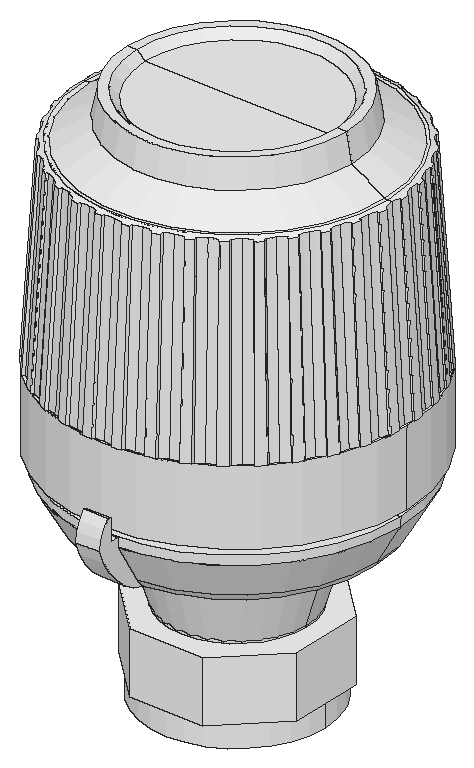
Revit family "2MMA_RFA", category Pipe Accessories, Revit 2019
Family settings
  Round Connector Dimension = Use Diameter
  Part Type = Normal
  OmniClass Number = 23.65.55.14.17
  OmniClass Title = Adjusting/Controlling Valves for Liquid Services
  Work Plane-Based = No
  Always vertical = Yes
  Cut with Voids When Loaded = No
  Shared = Yes
Parameters (values of type "MMA_013G2761")
  Weight = 0.15 kg  # constant formula
  W [instance] = 59.761 mm
  URL = "https://store.danfoss.com/en/Climate-Solutions-for-heating/Radiator-Thermostats/Radiator-sensors/Room-sensor-mTRV/c/6177?q=%3Arelevance%3Adanfoss_producttypehierarchydesc%3A7fe9dcfbd81cde094a0b3b4dca719d4333efaccd&text="
  Model Type = "MMA"  # constant formula
  Model = "013G2761"
  Min Temperature Setting = "8 °C"  # constant formula
  Max Temperature Setting = "28 °C"
  Manufacturer = "Danfoss"  # constant formula
  LOD 350 = not(LOD 200)  # yes
  LOD 200 = no
  L [instance] = 57 mm
  IfcExportType = "MMA"  # constant formula
  IfcExportAs = "IfcActuatorType"  # constant formula
  H [instance] = 90.8 mm
  Description = "Radiator Sensor"  # constant formula
  Body Material = Danfoss Plastic White
  Application = "Liquid Sensor"  # constant formula
Types (3, lengths in mm): name | Model | Max Temperature Setting
  (no name) | "013G2761" | "28 °C"
  MMA_013G2760 | "013G2760" | "21 °C"
  MMA_013G2761 | "013G2761" | "28 °C"
Reference planes
  plane 1 "Center (Front/Back)": y = 0
  plane 2: z = 0
  plane 3 "Center (Left/Right)": x = 0
  plane 4: x = -28.5
  plane 5: x = 28.5
  plane 6: y = 28.5
  plane 7: z = 90.8
  plane 8 "BT": z = 50.119
  plane 9 "TP": z = 83.1
  plane 10: y = -31.261
Forms (mm)
  Revolve 1, solid, material "Danfoss Plastic White" <- "Body Material", visible <- "LOD 200", detail levels fine
    sketch origin (0, 0, 0) x (1, 0, 0) y (0, 0, 1)
      loop
        line (-18.332, 90.8) -> (-19.2, 86.333) -> (-26.396, 82.178) -> (-28.5, 50.119) -> (-28.5, 36.419) -> (-22.485, 26) -> (-15.316, 26) -> (-11.524, 14) -> (0, 14) -> (0, 90.8) -> (-18.332, 90.8)
      axis (0, 14) -> (0, 90.8)
    angle from 0 to 360
  Revolve 2, solid, material "Danfoss Nickel Plated Brass", visible <- "LOD 200", detail levels fine
    sketch origin (0, 0, 0) x (1, 0, 0) y (0, 0, 1)
      loop
        line (-14.9, 0) -> (0, 0) -> (0, 14) -> (-14.9, 14) -> (-14.9, 0)
      axis (0, 14) -> (0, 0)
    angle from 0 to 360
  Revolve 3, solid, material "Danfoss Plastic White" <- "Body Material", visible <- "LOD 350", detail levels fine
    sketch origin (0, 0, 0) x (1, 0, 0) y (0, 0, 1)
      loop
        line (0, 83.1) -> (-25.425, 83.1) -> (-26.369, 82.632) -> (-28.5, 50.119) -> (-28.5, 37.6) -> (-25, 37.6) -> (-25, 36.1) -> (-27.45, 36.1) -> (-27.45, 34.6) -> (-23.639, 28)
        arc (-23.639, 28) -> (-22.175, 26.536) -> (-20.175, 26) r 4
        line (-20.175, 26) -> (-15, 26) -> (-15, 25) -> (-11.524, 14) -> (0, 14) -> (0, 83.1)
      axis (0, 83.1) -> (0, 14)
    angle from 0 to 360
  Revolve 4, solid, material "Danfoss Plastic White" <- "Body Material", visible <- "LOD 350", detail levels fine
    sketch origin (0, 0, 0) x (1, 0, 0) y (0, 0, 1)
      loop
        line (0, 89.5) -> (-15.5, 89.5) -> (-16.8, 90.8) -> (-18.332, 90.8) -> (-19.2, 86.333) -> (-24.8, 83.1) -> (-11.65, 83.1) -> (-11.65, 14) -> (0, 14) -> (0, 89.5)
      axis (0, 14) -> (0, 90.8)
    angle from 0 to 360
  Extrusion 5, solid, material "Danfoss Nickel Plated Brass", visible <- "LOD 350", detail levels fine
    sketch origin (0, 0, 0) x (1, 0, 0) y (0, 1, 0)
      loop
        line (-6.172, 14.9) -> (-14.9, 6.172) -> (-14.9, -6.172) -> (-6.172, -14.9) -> (6.172, -14.9) -> (14.9, -6.172) -> (14.9, 6.172) -> (6.172, 14.9) -> (-6.172, 14.9)
    from 3.8 to 13.979
  Revolve 6, solid, material "Danfoss Nickel Plated Brass", visible <- "LOD 350", detail levels fine
    sketch origin (0, 0, 0) x (1, 0, 0) y (0, 0, 1)
      loop
        line (-14.8, 0) -> (0, 0) -> (0, 3.8) -> (-14.8, 3.8) -> (-14.8, 0)
      axis (0, 0) -> (0, 3.8)
    angle from 0 to 360
  Blend 7, void
    base sketch origin (0, 0, 50.119) x (0, -1, 0) y (1, 0, 0)
      loop
        arc (-27.971, 0) -> (-28.005, 0.74) -> (-28.108, 1.474) r 8.033
        line (-28.108, 1.474) -> (-29, 2) -> (-29, -2) -> (-28.108, -1.474)
        arc (-28.108, -1.474) -> (-28.005, -0.74) -> (-27.971, 0) r 8.033
    top sketch origin (0, 0, 83.1) x (0, -1, 0) y (1, 0, 0)
      loop
        line (-26.919, -2) -> (-26.026, -1.474)
        arc (-26.026, -1.474) -> (-25.924, -0.74) -> (-25.89, 0) r 8.033
        arc (-25.89, 0) -> (-25.924, 0.74) -> (-26.026, 1.474) r 8.033
        line (-26.026, 1.474) -> (-26.919, 2) -> (-26.919, -2)
    from 0 to 0
  Blend 8, void
    base sketch origin (0, 0, 50.119) x (0.173648, -0.984808, 0) y (0.984808, 0.173648, 0)
      loop
        arc (-27.971, 0) -> (-28.005, 0.74) -> (-28.108, 1.474) r 8.033
        line (-28.108, 1.474) -> (-29, 2) -> (-29, -2) -> (-28.108, -1.474)
        arc (-28.108, -1.474) -> (-28.005, -0.74) -> (-27.971, 0) r 8.033
    top sketch origin (0, 0, 83.1) x (0.173648, -0.984808, 0) y (0.984808, 0.173648, 0)
      loop
        line (-26.919, -2) -> (-26.026, -1.474)
        arc (-26.026, -1.474) -> (-25.924, -0.74) -> (-25.89, 0) r 8.033
        arc (-25.89, 0) -> (-25.924, 0.74) -> (-26.026, 1.474) r 8.033
        line (-26.026, 1.474) -> (-26.919, 2) -> (-26.919, -2)
    from 0 to 0
  Blend 9, void
    base sketch origin (0, 0, 50.119) x (0.34202, -0.939693, 0) y (0.939693, 0.34202, 0)
      loop
        arc (-27.971, 0) -> (-28.005, 0.74) -> (-28.108, 1.474) r 8.033
        line (-28.108, 1.474) -> (-29, 2) -> (-29, -2) -> (-28.108, -1.474)
        arc (-28.108, -1.474) -> (-28.005, -0.74) -> (-27.971, 0) r 8.033
    top sketch origin (0, 0, 83.1) x (0.34202, -0.939693, 0) y (0.939693, 0.34202, 0)
      loop
        line (-26.919, -2) -> (-26.026, -1.474)
        arc (-26.026, -1.474) -> (-25.924, -0.74) -> (-25.89, 0) r 8.033
        arc (-25.89, 0) -> (-25.924, 0.74) -> (-26.026, 1.474) r 8.033
        line (-26.026, 1.474) -> (-26.919, 2) -> (-26.919, -2)
    from 0 to 0
  Blend 10, void
    base sketch origin (0, 0, 50.119) x (0.5, -0.866025, 0) y (0.866025, 0.5, 0)
      loop
        arc (-27.971, 0) -> (-28.005, 0.74) -> (-28.108, 1.474) r 8.033
        line (-28.108, 1.474) -> (-29, 2) -> (-29, -2) -> (-28.108, -1.474)
        arc (-28.108, -1.474) -> (-28.005, -0.74) -> (-27.971, 0) r 8.033
    top sketch origin (0, 0, 83.1) x (0.5, -0.866025, 0) y (0.866025, 0.5, 0)
      loop
        line (-26.919, -2) -> (-26.026, -1.474)
        arc (-26.026, -1.474) -> (-25.924, -0.74) -> (-25.89, 0) r 8.033
        arc (-25.89, 0) -> (-25.924, 0.74) -> (-26.026, 1.474) r 8.033
        line (-26.026, 1.474) -> (-26.919, 2) -> (-26.919, -2)
    from 0 to 0
  Blend 11, void
    base sketch origin (0, 0, 50.119) x (0.642788, -0.766044, 0) y (0.766044, 0.642788, 0)
      loop
        arc (-27.971, 0) -> (-28.005, 0.74) -> (-28.108, 1.474) r 8.033
        line (-28.108, 1.474) -> (-29, 2) -> (-29, -2) -> (-28.108, -1.474)
        arc (-28.108, -1.474) -> (-28.005, -0.74) -> (-27.971, 0) r 8.033
    top sketch origin (0, 0, 83.1) x (0.642788, -0.766044, 0) y (0.766044, 0.642788, 0)
      loop
        line (-26.919, -2) -> (-26.026, -1.474)
        arc (-26.026, -1.474) -> (-25.924, -0.74) -> (-25.89, 0) r 8.033
        arc (-25.89, 0) -> (-25.924, 0.74) -> (-26.026, 1.474) r 8.033
        line (-26.026, 1.474) -> (-26.919, 2) -> (-26.919, -2)
    from 0 to 0
  Blend 12, void
    base sketch origin (0, 0, 50.119) x (0.766044, -0.642788, 0) y (0.642788, 0.766044, 0)
      loop
        arc (-27.971, 0) -> (-28.005, 0.74) -> (-28.108, 1.474) r 8.033
        line (-28.108, 1.474) -> (-29, 2) -> (-29, -2) -> (-28.108, -1.474)
        arc (-28.108, -1.474) -> (-28.005, -0.74) -> (-27.971, 0) r 8.033
    top sketch origin (0, 0, 83.1) x (0.766044, -0.642788, 0) y (0.642788, 0.766044, 0)
      loop
        line (-26.919, -2) -> (-26.026, -1.474)
        arc (-26.026, -1.474) -> (-25.924, -0.74) -> (-25.89, 0) r 8.033
        arc (-25.89, 0) -> (-25.924, 0.74) -> (-26.026, 1.474) r 8.033
        line (-26.026, 1.474) -> (-26.919, 2) -> (-26.919, -2)
    from 0 to 0
  Blend 13, void
    base sketch origin (0, 0, 50.119) x (0.866025, -0.5, 0) y (0.5, 0.866025, 0)
      loop
        arc (-27.971, 0) -> (-28.005, 0.74) -> (-28.108, 1.474) r 8.033
        line (-28.108, 1.474) -> (-29, 2) -> (-29, -2) -> (-28.108, -1.474)
        arc (-28.108, -1.474) -> (-28.005, -0.74) -> (-27.971, 0) r 8.033
    top sketch origin (0, 0, 83.1) x (0.866025, -0.5, 0) y (0.5, 0.866025, 0)
      loop
        line (-26.919, -2) -> (-26.026, -1.474)
        arc (-26.026, -1.474) -> (-25.924, -0.74) -> (-25.89, 0) r 8.033
        arc (-25.89, 0) -> (-25.924, 0.74) -> (-26.026, 1.474) r 8.033
        line (-26.026, 1.474) -> (-26.919, 2) -> (-26.919, -2)
    from 0 to 0
  Blend 14, void
    base sketch origin (0, 0, 50.119) x (0.939693, -0.34202, 0) y (0.34202, 0.939693, 0)
      loop
        arc (-27.971, 0) -> (-28.005, 0.74) -> (-28.108, 1.474) r 8.033
        line (-28.108, 1.474) -> (-29, 2) -> (-29, -2) -> (-28.108, -1.474)
        arc (-28.108, -1.474) -> (-28.005, -0.74) -> (-27.971, 0) r 8.033
    top sketch origin (0, 0, 83.1) x (0.939693, -0.34202, 0) y (0.34202, 0.939693, 0)
      loop
        line (-26.919, -2) -> (-26.026, -1.474)
        arc (-26.026, -1.474) -> (-25.924, -0.74) -> (-25.89, 0) r 8.033
        arc (-25.89, 0) -> (-25.924, 0.74) -> (-26.026, 1.474) r 8.033
        line (-26.026, 1.474) -> (-26.919, 2) -> (-26.919, -2)
    from 0 to 0
  Blend 15, void
    base sketch origin (0, 0, 50.119) x (0.984808, -0.173648, 0) y (0.173648, 0.984808, 0)
      loop
        arc (-27.971, 0) -> (-28.005, 0.74) -> (-28.108, 1.474) r 8.033
        line (-28.108, 1.474) -> (-29, 2) -> (-29, -2) -> (-28.108, -1.474)
        arc (-28.108, -1.474) -> (-28.005, -0.74) -> (-27.971, 0) r 8.033
    top sketch origin (0, 0, 83.1) x (0.984808, -0.173648, 0) y (0.173648, 0.984808, 0)
      loop
        line (-26.919, -2) -> (-26.026, -1.474)
        arc (-26.026, -1.474) -> (-25.924, -0.74) -> (-25.89, 0) r 8.033
        arc (-25.89, 0) -> (-25.924, 0.74) -> (-26.026, 1.474) r 8.033
        line (-26.026, 1.474) -> (-26.919, 2) -> (-26.919, -2)
    from 0 to 0
  Blend 16, void
    base sketch origin (0, 0, 50.119) x (1, 0, 0) y (0, 1, 0)
      loop
        arc (-27.971, 0) -> (-28.005, 0.74) -> (-28.108, 1.474) r 8.033
        line (-28.108, 1.474) -> (-29, 2) -> (-29, -2) -> (-28.108, -1.474)
        arc (-28.108, -1.474) -> (-28.005, -0.74) -> (-27.971, 0) r 8.033
    top sketch origin (0, 0, 83.1) x (1, 0, 0) y (0, 1, 0)
      loop
        line (-26.919, -2) -> (-26.026, -1.474)
        arc (-26.026, -1.474) -> (-25.924, -0.74) -> (-25.89, 0) r 8.033
        arc (-25.89, 0) -> (-25.924, 0.74) -> (-26.026, 1.474) r 8.033
        line (-26.026, 1.474) -> (-26.919, 2) -> (-26.919, -2)
    from 0 to 0
  Blend 17, void
    base sketch origin (0, 0, 50.119) x (0.984808, 0.173648, 0) y (-0.173648, 0.984808, 0)
      loop
        arc (-27.971, 0) -> (-28.005, 0.74) -> (-28.108, 1.474) r 8.033
        line (-28.108, 1.474) -> (-29, 2) -> (-29, -2) -> (-28.108, -1.474)
        arc (-28.108, -1.474) -> (-28.005, -0.74) -> (-27.971, 0) r 8.033
    top sketch origin (0, 0, 83.1) x (0.984808, 0.173648, 0) y (-0.173648, 0.984808, 0)
      loop
        line (-26.919, -2) -> (-26.026, -1.474)
        arc (-26.026, -1.474) -> (-25.924, -0.74) -> (-25.89, 0) r 8.033
        arc (-25.89, 0) -> (-25.924, 0.74) -> (-26.026, 1.474) r 8.033
        line (-26.026, 1.474) -> (-26.919, 2) -> (-26.919, -2)
    from 0 to 0
  Blend 18, void
    base sketch origin (0, 0, 50.119) x (0.939693, 0.34202, 0) y (-0.34202, 0.939693, 0)
      loop
        arc (-27.971, 0) -> (-28.005, 0.74) -> (-28.108, 1.474) r 8.033
        line (-28.108, 1.474) -> (-29, 2) -> (-29, -2) -> (-28.108, -1.474)
        arc (-28.108, -1.474) -> (-28.005, -0.74) -> (-27.971, 0) r 8.033
    top sketch origin (0, 0, 83.1) x (0.939693, 0.34202, 0) y (-0.34202, 0.939693, 0)
      loop
        line (-26.919, -2) -> (-26.026, -1.474)
        arc (-26.026, -1.474) -> (-25.924, -0.74) -> (-25.89, 0) r 8.033
        arc (-25.89, 0) -> (-25.924, 0.74) -> (-26.026, 1.474) r 8.033
        line (-26.026, 1.474) -> (-26.919, 2) -> (-26.919, -2)
    from 0 to 0
  Blend 19, void
    base sketch origin (0, 0, 50.119) x (0.866025, 0.5, 0) y (-0.5, 0.866025, 0)
      loop
        arc (-27.971, 0) -> (-28.005, 0.74) -> (-28.108, 1.474) r 8.033
        line (-28.108, 1.474) -> (-29, 2) -> (-29, -2) -> (-28.108, -1.474)
        arc (-28.108, -1.474) -> (-28.005, -0.74) -> (-27.971, 0) r 8.033
    top sketch origin (0, 0, 83.1) x (0.866025, 0.5, 0) y (-0.5, 0.866025, 0)
      loop
        line (-26.919, -2) -> (-26.026, -1.474)
        arc (-26.026, -1.474) -> (-25.924, -0.74) -> (-25.89, 0) r 8.033
        arc (-25.89, 0) -> (-25.924, 0.74) -> (-26.026, 1.474) r 8.033
        line (-26.026, 1.474) -> (-26.919, 2) -> (-26.919, -2)
    from 0 to 0
  Blend 20, void
    base sketch origin (0, 0, 50.119) x (0.766044, 0.642788, 0) y (-0.642788, 0.766044, 0)
      loop
        arc (-27.971, 0) -> (-28.005, 0.74) -> (-28.108, 1.474) r 8.033
        line (-28.108, 1.474) -> (-29, 2) -> (-29, -2) -> (-28.108, -1.474)
        arc (-28.108, -1.474) -> (-28.005, -0.74) -> (-27.971, 0) r 8.033
    top sketch origin (0, 0, 83.1) x (0.766044, 0.642788, 0) y (-0.642788, 0.766044, 0)
      loop
        line (-26.919, -2) -> (-26.026, -1.474)
        arc (-26.026, -1.474) -> (-25.924, -0.74) -> (-25.89, 0) r 8.033
        arc (-25.89, 0) -> (-25.924, 0.74) -> (-26.026, 1.474) r 8.033
        line (-26.026, 1.474) -> (-26.919, 2) -> (-26.919, -2)
    from 0 to 0
  Blend 21, void
    base sketch origin (0, 0, 50.119) x (0.642788, 0.766044, 0) y (-0.766044, 0.642788, 0)
      loop
        arc (-27.971, 0) -> (-28.005, 0.74) -> (-28.108, 1.474) r 8.033
        line (-28.108, 1.474) -> (-29, 2) -> (-29, -2) -> (-28.108, -1.474)
        arc (-28.108, -1.474) -> (-28.005, -0.74) -> (-27.971, 0) r 8.033
    top sketch origin (0, 0, 83.1) x (0.642788, 0.766044, 0) y (-0.766044, 0.642788, 0)
      loop
        line (-26.919, -2) -> (-26.026, -1.474)
        arc (-26.026, -1.474) -> (-25.924, -0.74) -> (-25.89, 0) r 8.033
        arc (-25.89, 0) -> (-25.924, 0.74) -> (-26.026, 1.474) r 8.033
        line (-26.026, 1.474) -> (-26.919, 2) -> (-26.919, -2)
    from 0 to 0
  Blend 22, void
    base sketch origin (0, 0, 50.119) x (0.5, 0.866025, 0) y (-0.866025, 0.5, 0)
      loop
        arc (-27.971, 0) -> (-28.005, 0.74) -> (-28.108, 1.474) r 8.033
        line (-28.108, 1.474) -> (-29, 2) -> (-29, -2) -> (-28.108, -1.474)
        arc (-28.108, -1.474) -> (-28.005, -0.74) -> (-27.971, 0) r 8.033
    top sketch origin (0, 0, 83.1) x (0.5, 0.866025, 0) y (-0.866025, 0.5, 0)
      loop
        line (-26.919, -2) -> (-26.026, -1.474)
        arc (-26.026, -1.474) -> (-25.924, -0.74) -> (-25.89, 0) r 8.033
        arc (-25.89, 0) -> (-25.924, 0.74) -> (-26.026, 1.474) r 8.033
        line (-26.026, 1.474) -> (-26.919, 2) -> (-26.919, -2)
    from 0 to 0
  Blend 23, void
    base sketch origin (0, 0, 50.119) x (0.34202, 0.939693, 0) y (-0.939693, 0.34202, 0)
      loop
        arc (-27.971, 0) -> (-28.005, 0.74) -> (-28.108, 1.474) r 8.033
        line (-28.108, 1.474) -> (-29, 2) -> (-29, -2) -> (-28.108, -1.474)
        arc (-28.108, -1.474) -> (-28.005, -0.74) -> (-27.971, 0) r 8.033
    top sketch origin (0, 0, 83.1) x (0.34202, 0.939693, 0) y (-0.939693, 0.34202, 0)
      loop
        line (-26.919, -2) -> (-26.026, -1.474)
        arc (-26.026, -1.474) -> (-25.924, -0.74) -> (-25.89, 0) r 8.033
        arc (-25.89, 0) -> (-25.924, 0.74) -> (-26.026, 1.474) r 8.033
        line (-26.026, 1.474) -> (-26.919, 2) -> (-26.919, -2)
    from 0 to 0
  Blend 24, void
    base sketch origin (0, 0, 50.119) x (0.173648, 0.984808, 0) y (-0.984808, 0.173648, 0)
      loop
        arc (-27.971, 0) -> (-28.005, 0.74) -> (-28.108, 1.474) r 8.033
        line (-28.108, 1.474) -> (-29, 2) -> (-29, -2) -> (-28.108, -1.474)
        arc (-28.108, -1.474) -> (-28.005, -0.74) -> (-27.971, 0) r 8.033
    top sketch origin (0, 0, 83.1) x (0.173648, 0.984808, 0) y (-0.984808, 0.173648, 0)
      loop
        line (-26.919, -2) -> (-26.026, -1.474)
        arc (-26.026, -1.474) -> (-25.924, -0.74) -> (-25.89, 0) r 8.033
        arc (-25.89, 0) -> (-25.924, 0.74) -> (-26.026, 1.474) r 8.033
        line (-26.026, 1.474) -> (-26.919, 2) -> (-26.919, -2)
    from 0 to 0
  Blend 25, void
    base sketch origin (0, 0, 50.119) x (0, 1, 0) y (-1, 0, 0)
      loop
        arc (-27.971, 0) -> (-28.005, 0.74) -> (-28.108, 1.474) r 8.033
        line (-28.108, 1.474) -> (-29, 2) -> (-29, -2) -> (-28.108, -1.474)
        arc (-28.108, -1.474) -> (-28.005, -0.74) -> (-27.971, 0) r 8.033
    top sketch origin (0, 0, 83.1) x (0, 1, 0) y (-1, 0, 0)
      loop
        line (-26.919, -2) -> (-26.026, -1.474)
        arc (-26.026, -1.474) -> (-25.924, -0.74) -> (-25.89, 0) r 8.033
        arc (-25.89, 0) -> (-25.924, 0.74) -> (-26.026, 1.474) r 8.033
        line (-26.026, 1.474) -> (-26.919, 2) -> (-26.919, -2)
    from 0 to 0
  Blend 26, void
    base sketch origin (0, 0, 50.119) x (-0.173648, 0.984808, 0) y (-0.984808, -0.173648, 0)
      loop
        arc (-27.971, 0) -> (-28.005, 0.74) -> (-28.108, 1.474) r 8.033
        line (-28.108, 1.474) -> (-29, 2) -> (-29, -2) -> (-28.108, -1.474)
        arc (-28.108, -1.474) -> (-28.005, -0.74) -> (-27.971, 0) r 8.033
    top sketch origin (0, 0, 83.1) x (-0.173648, 0.984808, 0) y (-0.984808, -0.173648, 0)
      loop
        line (-26.919, -2) -> (-26.026, -1.474)
        arc (-26.026, -1.474) -> (-25.924, -0.74) -> (-25.89, 0) r 8.033
        arc (-25.89, 0) -> (-25.924, 0.74) -> (-26.026, 1.474) r 8.033
        line (-26.026, 1.474) -> (-26.919, 2) -> (-26.919, -2)
    from 0 to 0
  Blend 27, void
    base sketch origin (0, 0, 50.119) x (-0.34202, 0.939693, 0) y (-0.939693, -0.34202, 0)
      loop
        arc (-27.971, 0) -> (-28.005, 0.74) -> (-28.108, 1.474) r 8.033
        line (-28.108, 1.474) -> (-29, 2) -> (-29, -2) -> (-28.108, -1.474)
        arc (-28.108, -1.474) -> (-28.005, -0.74) -> (-27.971, 0) r 8.033
    top sketch origin (0, 0, 83.1) x (-0.34202, 0.939693, 0) y (-0.939693, -0.34202, 0)
      loop
        line (-26.919, -2) -> (-26.026, -1.474)
        arc (-26.026, -1.474) -> (-25.924, -0.74) -> (-25.89, 0) r 8.033
        arc (-25.89, 0) -> (-25.924, 0.74) -> (-26.026, 1.474) r 8.033
        line (-26.026, 1.474) -> (-26.919, 2) -> (-26.919, -2)
    from 0 to 0
  Blend 28, void
    base sketch origin (0, 0, 50.119) x (-0.5, 0.866025, 0) y (-0.866025, -0.5, 0)
      loop
        arc (-27.971, 0) -> (-28.005, 0.74) -> (-28.108, 1.474) r 8.033
        line (-28.108, 1.474) -> (-29, 2) -> (-29, -2) -> (-28.108, -1.474)
        arc (-28.108, -1.474) -> (-28.005, -0.74) -> (-27.971, 0) r 8.033
    top sketch origin (0, 0, 83.1) x (-0.5, 0.866025, 0) y (-0.866025, -0.5, 0)
      loop
        line (-26.919, -2) -> (-26.026, -1.474)
        arc (-26.026, -1.474) -> (-25.924, -0.74) -> (-25.89, 0) r 8.033
        arc (-25.89, 0) -> (-25.924, 0.74) -> (-26.026, 1.474) r 8.033
        line (-26.026, 1.474) -> (-26.919, 2) -> (-26.919, -2)
    from 0 to 0
  Blend 29, void
    base sketch origin (0, 0, 50.119) x (-0.642788, 0.766044, 0) y (-0.766044, -0.642788, 0)
      loop
        arc (-27.971, 0) -> (-28.005, 0.74) -> (-28.108, 1.474) r 8.033
        line (-28.108, 1.474) -> (-29, 2) -> (-29, -2) -> (-28.108, -1.474)
        arc (-28.108, -1.474) -> (-28.005, -0.74) -> (-27.971, 0) r 8.033
    top sketch origin (0, 0, 83.1) x (-0.642788, 0.766044, 0) y (-0.766044, -0.642788, 0)
      loop
        line (-26.919, -2) -> (-26.026, -1.474)
        arc (-26.026, -1.474) -> (-25.924, -0.74) -> (-25.89, 0) r 8.033
        arc (-25.89, 0) -> (-25.924, 0.74) -> (-26.026, 1.474) r 8.033
        line (-26.026, 1.474) -> (-26.919, 2) -> (-26.919, -2)
    from 0 to 0
  Blend 30, void
    base sketch origin (0, 0, 50.119) x (-0.766044, 0.642788, 0) y (-0.642788, -0.766044, 0)
      loop
        arc (-27.971, 0) -> (-28.005, 0.74) -> (-28.108, 1.474) r 8.033
        line (-28.108, 1.474) -> (-29, 2) -> (-29, -2) -> (-28.108, -1.474)
        arc (-28.108, -1.474) -> (-28.005, -0.74) -> (-27.971, 0) r 8.033
    top sketch origin (0, 0, 83.1) x (-0.766044, 0.642788, 0) y (-0.642788, -0.766044, 0)
      loop
        line (-26.919, -2) -> (-26.026, -1.474)
        arc (-26.026, -1.474) -> (-25.924, -0.74) -> (-25.89, 0) r 8.033
        arc (-25.89, 0) -> (-25.924, 0.74) -> (-26.026, 1.474) r 8.033
        line (-26.026, 1.474) -> (-26.919, 2) -> (-26.919, -2)
    from 0 to 0
  Blend 31, void
    base sketch origin (0, 0, 50.119) x (-0.866025, 0.5, 0) y (-0.5, -0.866025, 0)
      loop
        arc (-27.971, 0) -> (-28.005, 0.74) -> (-28.108, 1.474) r 8.033
        line (-28.108, 1.474) -> (-29, 2) -> (-29, -2) -> (-28.108, -1.474)
        arc (-28.108, -1.474) -> (-28.005, -0.74) -> (-27.971, 0) r 8.033
    top sketch origin (0, 0, 83.1) x (-0.866025, 0.5, 0) y (-0.5, -0.866025, 0)
      loop
        line (-26.919, -2) -> (-26.026, -1.474)
        arc (-26.026, -1.474) -> (-25.924, -0.74) -> (-25.89, 0) r 8.033
        arc (-25.89, 0) -> (-25.924, 0.74) -> (-26.026, 1.474) r 8.033
        line (-26.026, 1.474) -> (-26.919, 2) -> (-26.919, -2)
    from 0 to 0
  Blend 32, void
    base sketch origin (0, 0, 50.119) x (-0.939693, 0.34202, 0) y (-0.34202, -0.939693, 0)
      loop
        arc (-27.971, 0) -> (-28.005, 0.74) -> (-28.108, 1.474) r 8.033
        line (-28.108, 1.474) -> (-29, 2) -> (-29, -2) -> (-28.108, -1.474)
        arc (-28.108, -1.474) -> (-28.005, -0.74) -> (-27.971, 0) r 8.033
    top sketch origin (0, 0, 83.1) x (-0.939693, 0.34202, 0) y (-0.34202, -0.939693, 0)
      loop
        line (-26.919, -2) -> (-26.026, -1.474)
        arc (-26.026, -1.474) -> (-25.924, -0.74) -> (-25.89, 0) r 8.033
        arc (-25.89, 0) -> (-25.924, 0.74) -> (-26.026, 1.474) r 8.033
        line (-26.026, 1.474) -> (-26.919, 2) -> (-26.919, -2)
    from 0 to 0
  Blend 33, void
    base sketch origin (0, 0, 50.119) x (-0.984808, 0.173648, 0) y (-0.173648, -0.984808, 0)
      loop
        arc (-27.971, 0) -> (-28.005, 0.74) -> (-28.108, 1.474) r 8.033
        line (-28.108, 1.474) -> (-29, 2) -> (-29, -2) -> (-28.108, -1.474)
        arc (-28.108, -1.474) -> (-28.005, -0.74) -> (-27.971, 0) r 8.033
    top sketch origin (0, 0, 83.1) x (-0.984808, 0.173648, 0) y (-0.173648, -0.984808, 0)
      loop
        line (-26.919, -2) -> (-26.026, -1.474)
        arc (-26.026, -1.474) -> (-25.924, -0.74) -> (-25.89, 0) r 8.033
        arc (-25.89, 0) -> (-25.924, 0.74) -> (-26.026, 1.474) r 8.033
        line (-26.026, 1.474) -> (-26.919, 2) -> (-26.919, -2)
    from 0 to 0
  Blend 34, void
    base sketch origin (0, 0, 50.119) x (-1, 0, 0) y (0, -1, 0)
      loop
        arc (-27.971, 0) -> (-28.005, 0.74) -> (-28.108, 1.474) r 8.033
        line (-28.108, 1.474) -> (-29, 2) -> (-29, -2) -> (-28.108, -1.474)
        arc (-28.108, -1.474) -> (-28.005, -0.74) -> (-27.971, 0) r 8.033
    top sketch origin (0, 0, 83.1) x (-1, 0, 0) y (0, -1, 0)
      loop
        line (-26.919, -2) -> (-26.026, -1.474)
        arc (-26.026, -1.474) -> (-25.924, -0.74) -> (-25.89, 0) r 8.033
        arc (-25.89, 0) -> (-25.924, 0.74) -> (-26.026, 1.474) r 8.033
        line (-26.026, 1.474) -> (-26.919, 2) -> (-26.919, -2)
    from 0 to 0
  Blend 35, void
    base sketch origin (0, 0, 50.119) x (-0.984808, -0.173648, 0) y (0.173648, -0.984808, 0)
      loop
        arc (-27.971, 0) -> (-28.005, 0.74) -> (-28.108, 1.474) r 8.033
        line (-28.108, 1.474) -> (-29, 2) -> (-29, -2) -> (-28.108, -1.474)
        arc (-28.108, -1.474) -> (-28.005, -0.74) -> (-27.971, 0) r 8.033
    top sketch origin (0, 0, 83.1) x (-0.984808, -0.173648, 0) y (0.173648, -0.984808, 0)
      loop
        line (-26.919, -2) -> (-26.026, -1.474)
        arc (-26.026, -1.474) -> (-25.924, -0.74) -> (-25.89, 0) r 8.033
        arc (-25.89, 0) -> (-25.924, 0.74) -> (-26.026, 1.474) r 8.033
        line (-26.026, 1.474) -> (-26.919, 2) -> (-26.919, -2)
    from 0 to 0
  Blend 36, void
    base sketch origin (0, 0, 50.119) x (-0.939693, -0.34202, 0) y (0.34202, -0.939693, 0)
      loop
        arc (-27.971, 0) -> (-28.005, 0.74) -> (-28.108, 1.474) r 8.033
        line (-28.108, 1.474) -> (-29, 2) -> (-29, -2) -> (-28.108, -1.474)
        arc (-28.108, -1.474) -> (-28.005, -0.74) -> (-27.971, 0) r 8.033
    top sketch origin (0, 0, 83.1) x (-0.939693, -0.34202, 0) y (0.34202, -0.939693, 0)
      loop
        line (-26.919, -2) -> (-26.026, -1.474)
        arc (-26.026, -1.474) -> (-25.924, -0.74) -> (-25.89, 0) r 8.033
        arc (-25.89, 0) -> (-25.924, 0.74) -> (-26.026, 1.474) r 8.033
        line (-26.026, 1.474) -> (-26.919, 2) -> (-26.919, -2)
    from 0 to 0
  Blend 37, void
    base sketch origin (0, 0, 50.119) x (-0.866025, -0.5, 0) y (0.5, -0.866025, 0)
      loop
        arc (-27.971, 0) -> (-28.005, 0.74) -> (-28.108, 1.474) r 8.033
        line (-28.108, 1.474) -> (-29, 2) -> (-29, -2) -> (-28.108, -1.474)
        arc (-28.108, -1.474) -> (-28.005, -0.74) -> (-27.971, 0) r 8.033
    top sketch origin (0, 0, 83.1) x (-0.866025, -0.5, 0) y (0.5, -0.866025, 0)
      loop
        line (-26.919, -2) -> (-26.026, -1.474)
        arc (-26.026, -1.474) -> (-25.924, -0.74) -> (-25.89, 0) r 8.033
        arc (-25.89, 0) -> (-25.924, 0.74) -> (-26.026, 1.474) r 8.033
        line (-26.026, 1.474) -> (-26.919, 2) -> (-26.919, -2)
    from 0 to 0
  Blend 38, void
    base sketch origin (0, 0, 50.119) x (-0.766044, -0.642788, 0) y (0.642788, -0.766044, 0)
      loop
        arc (-27.971, 0) -> (-28.005, 0.74) -> (-28.108, 1.474) r 8.033
        line (-28.108, 1.474) -> (-29, 2) -> (-29, -2) -> (-28.108, -1.474)
        arc (-28.108, -1.474) -> (-28.005, -0.74) -> (-27.971, 0) r 8.033
    top sketch origin (0, 0, 83.1) x (-0.766044, -0.642788, 0) y (0.642788, -0.766044, 0)
      loop
        line (-26.919, -2) -> (-26.026, -1.474)
        arc (-26.026, -1.474) -> (-25.924, -0.74) -> (-25.89, 0) r 8.033
        arc (-25.89, 0) -> (-25.924, 0.74) -> (-26.026, 1.474) r 8.033
        line (-26.026, 1.474) -> (-26.919, 2) -> (-26.919, -2)
    from 0 to 0
  Blend 39, void
    base sketch origin (0, 0, 50.119) x (-0.642788, -0.766044, 0) y (0.766044, -0.642788, 0)
      loop
        arc (-27.971, 0) -> (-28.005, 0.74) -> (-28.108, 1.474) r 8.033
        line (-28.108, 1.474) -> (-29, 2) -> (-29, -2) -> (-28.108, -1.474)
        arc (-28.108, -1.474) -> (-28.005, -0.74) -> (-27.971, 0) r 8.033
    top sketch origin (0, 0, 83.1) x (-0.642788, -0.766044, 0) y (0.766044, -0.642788, 0)
      loop
        line (-26.919, -2) -> (-26.026, -1.474)
        arc (-26.026, -1.474) -> (-25.924, -0.74) -> (-25.89, 0) r 8.033
        arc (-25.89, 0) -> (-25.924, 0.74) -> (-26.026, 1.474) r 8.033
        line (-26.026, 1.474) -> (-26.919, 2) -> (-26.919, -2)
    from 0 to 0
  Blend 40, void
    base sketch origin (0, 0, 50.119) x (-0.5, -0.866025, 0) y (0.866025, -0.5, 0)
      loop
        arc (-27.971, 0) -> (-28.005, 0.74) -> (-28.108, 1.474) r 8.033
        line (-28.108, 1.474) -> (-29, 2) -> (-29, -2) -> (-28.108, -1.474)
        arc (-28.108, -1.474) -> (-28.005, -0.74) -> (-27.971, 0) r 8.033
    top sketch origin (0, 0, 83.1) x (-0.5, -0.866025, 0) y (0.866025, -0.5, 0)
      loop
        line (-26.919, -2) -> (-26.026, -1.474)
        arc (-26.026, -1.474) -> (-25.924, -0.74) -> (-25.89, 0) r 8.033
        arc (-25.89, 0) -> (-25.924, 0.74) -> (-26.026, 1.474) r 8.033
        line (-26.026, 1.474) -> (-26.919, 2) -> (-26.919, -2)
    from 0 to 0
  Blend 41, void
    base sketch origin (0, 0, 50.119) x (-0.34202, -0.939693, 0) y (0.939693, -0.34202, 0)
      loop
        arc (-27.971, 0) -> (-28.005, 0.74) -> (-28.108, 1.474) r 8.033
        line (-28.108, 1.474) -> (-29, 2) -> (-29, -2) -> (-28.108, -1.474)
        arc (-28.108, -1.474) -> (-28.005, -0.74) -> (-27.971, 0) r 8.033
    top sketch origin (0, 0, 83.1) x (-0.34202, -0.939693, 0) y (0.939693, -0.34202, 0)
      loop
        line (-26.919, -2) -> (-26.026, -1.474)
        arc (-26.026, -1.474) -> (-25.924, -0.74) -> (-25.89, 0) r 8.033
        arc (-25.89, 0) -> (-25.924, 0.74) -> (-26.026, 1.474) r 8.033
        line (-26.026, 1.474) -> (-26.919, 2) -> (-26.919, -2)
    from 0 to 0
  Blend 42, void
    base sketch origin (0, 0, 50.119) x (-0.173648, -0.984808, 0) y (0.984808, -0.173648, 0)
      loop
        arc (-27.971, 0) -> (-28.005, 0.74) -> (-28.108, 1.474) r 8.033
        line (-28.108, 1.474) -> (-29, 2) -> (-29, -2) -> (-28.108, -1.474)
        arc (-28.108, -1.474) -> (-28.005, -0.74) -> (-27.971, 0) r 8.033
    top sketch origin (0, 0, 83.1) x (-0.173648, -0.984808, 0) y (0.984808, -0.173648, 0)
      loop
        line (-26.919, -2) -> (-26.026, -1.474)
        arc (-26.026, -1.474) -> (-25.924, -0.74) -> (-25.89, 0) r 8.033
        arc (-25.89, 0) -> (-25.924, 0.74) -> (-26.026, 1.474) r 8.033
        line (-26.026, 1.474) -> (-26.919, 2) -> (-26.919, -2)
    from 0 to 0
  Extrusion 43, solid, material "Danfoss Plastic White" <- "Body Material", visible <- "LOD 350", detail levels fine
    sketch origin (0, 0, 0) x (0, 1, 0) y (0, 0, 1)
      loop
        line (-29, 36.1) -> (-29, 39.727) -> (-29.75, 40)
        arc (-29.75, 40) -> (-30.847, 37.946) -> (-31.261, 35.654) r 7.5
        arc (-31.261, 35.654) -> (-27.853, 29.77) -> (-21.941, 26.411) r 13
        line (-21.941, 26.411) -> (-23.789, 28.258) -> (-27.45, 34.6) -> (-27.45, 36.1) -> (-29, 36.1)
    from -2 to 2
Cuts and joins
  Blend 7, Blend 8, Blend 9, Blend 10, Blend 11, Blend 12, Blend 13, Blend 14, Blend 15, Blend 16, Blend 17, Blend 18, Blend 19, Blend 20, Blend 21, Blend 22, Blend 23, Blend 24, Blend 25, Blend 26, Blend 27, Blend 28, Blend 29, Blend 30, Blend 31, Blend 32, Blend 33, Blend 34, Blend 35, Blend 36, Blend 37, Blend 38, Blend 39, Blend 40, Blend 41, Blend 42 cuts Revolve 3
Dimensions and locks
  "L": plane 4 to plane 5
  "W": plane 6 to plane 10
  "H": plane 7 to level
  equal spacing: plane 4, plane 3 "Center (Left/Right)", plane 5
  aligned and locked: level to plane 2
  aligned and locked: plane 3 "Center (Left/Right)" to Revolve 1 sketch curve
  aligned and locked: Revolve 2 sketch curve to plane 3 "Center (Left/Right)"
  aligned and locked: Revolve 3 sketch curve to plane 3 "Center (Left/Right)"
  aligned and locked: plane 3 "Center (Left/Right)" to Revolve 4 sketch curve
  aligned and locked: plane 3 "Center (Left/Right)" to Revolve 6 sketch curve
  aligned and locked: Blend 7 to plane 9 "TP"
  aligned and locked: plane 8 "BT" to Blend 7
Automatic sketch dimensions
  Revolve 1 sketch curve to plane 4 = 0 mm
  Revolve 1 sketch curve to plane 7 = 0 mm
  Revolve 1 sketch curve to plane 3 "Center (Left/Right)" = 0 mm
  plane 4 to Revolve 1 sketch curve = 2.104 mm
  plane 4 to Revolve 1 sketch curve = 6.015 mm
  Revolve 1 sketch curve to plane 7 = 4.467 mm
  Revolve 1 sketch curve to Revolve 1 sketch curve = 7.196 mm
  Revolve 1 sketch curve to Revolve 1 sketch curve = 0.868 mm
  Revolve 1 sketch curve to Revolve 1 sketch curve = 7.169 mm
  Revolve 1 sketch curve to plane 3 "Center (Left/Right)" = 11.524 mm
  Revolve 1 sketch curve to Revolve 1 sketch curve = 4.155 mm
  level to Revolve 1 sketch curve = 36.419 mm
  Revolve 1 sketch curve to Revolve 1 sketch curve = 10.419 mm
  level to Revolve 1 sketch curve = 14 mm
  Revolve 1 sketch curve to Revolve 1 sketch curve = 13.7 mm
  plane 7 to Revolve 1 sketch curve = 40 mm
  Revolve 1 sketch curve to Revolve 1 sketch curve = 20 mm
  Revolve 2 sketch curve to Revolve 2 sketch curve = 5 mm
  Revolve 2 sketch curve to plane 3 "Center (Left/Right)" = 0 mm
  plane 4 to Revolve 2 sketch curve = 13.6 mm
  Revolve 2 sketch curve to Revolve 2 sketch curve = 15 mm
  level to Revolve 2 sketch curve = 0 mm
  level to Revolve 2 sketch curve = 14 mm
  Revolve 4 sketch curve to plane 7 = 0 mm
  Revolve 4 sketch curve to plane 3 "Center (Left/Right)" = 0 mm
  Revolve 4 sketch curve to plane 3 "Center (Left/Right)" = 11.65 mm
  Revolve 4 sketch curve to plane 7 = 1.3 mm
  Revolve 4 sketch curve to Revolve 4 sketch curve = 3.85 mm
  Revolve 4 sketch curve to Revolve 4 sketch curve = 1.3 mm
  Revolve 4 sketch curve to Revolve 4 sketch curve = 1.532 mm
  Revolve 4 sketch curve to plane 7 = 4.467 mm
  Revolve 4 sketch curve to Revolve 4 sketch curve = 0.868 mm
  plane 4 to Revolve 4 sketch curve = 3.7 mm
  Revolve 4 sketch curve to Revolve 4 sketch curve = 6.4 mm
  level to Revolve 4 sketch curve = 14 mm
  plane 7 to Revolve 4 sketch curve = 5.008 mm
  Revolve 4 sketch curve to Revolve 4 sketch curve = 7.055 mm
  Revolve 3 sketch curve to plane 4 = 0 mm
  Revolve 3 sketch curve to plane 3 "Center (Left/Right)" = 0 mm
  plane 4 to Revolve 3 sketch curve = 1.05 mm
  Revolve 3 sketch curve to Revolve 3 sketch curve = 2.45 mm
  plane 4 to Revolve 3 sketch curve = 4.861 mm
  Revolve 3 sketch curve to Revolve 3 sketch curve = 3.464 mm
  Revolve 3 sketch curve to Revolve 3 sketch curve = 5.175 mm
  Revolve 3 sketch curve to plane 3 "Center (Left/Right)" = 11.524 mm
  level to Revolve 3 sketch curve = 14 mm
  Revolve 3 sketch curve to Revolve 3 sketch curve = 11 mm
  Revolve 3 sketch curve to Revolve 3 sketch curve = 1 mm
  Revolve 3 sketch curve to Revolve 3 sketch curve = 2 mm
  Revolve 3 sketch curve to Revolve 3 sketch curve = 6.6 mm
  Revolve 3 sketch curve to Revolve 3 sketch curve = 1.5 mm  (x2)
  Revolve 3 sketch curve to Revolve 3 sketch curve = 32.981 mm
  Revolve 3 sketch curve to Revolve 3 sketch curve = 0.944 mm
  Revolve 3 sketch curve to Revolve 3 sketch curve = 12.519 mm
  Revolve 3 sketch curve to Revolve 3 sketch curve = 0.468 mm
  plane 7 to Revolve 3 sketch curve = 25 mm
  Revolve 3 sketch curve to Revolve 3 sketch curve = 10 mm
  plane 4 to Revolve 3 sketch curve = 2.131 mm
  plane 3 "Center (Left/Right)" to Extrusion 5 sketch curve = 6.172 mm  (x2)
  Extrusion 5 sketch curve to plane 6 = 13.6 mm
  Extrusion 5 sketch curve to plane 3 "Center (Left/Right)" = 6.172 mm  (x2)
  Extrusion 5 sketch curve to plane 1 "Center (Front/Back)" = 6.172 mm  (x2)
  Extrusion 5 sketch curve to Extrusion 5 sketch curve = 8.728 mm  (x3)
  plane 1 "Center (Front/Back)" to Extrusion 5 sketch curve = 6.172 mm  (x2)
  Revolve 6 sketch curve to level = 0 mm
  Revolve 6 sketch curve to plane 3 "Center (Left/Right)" = 0 mm
  plane 4 to Revolve 6 sketch curve = 13.7 mm
  level to Revolve 6 sketch curve = 3.8 mm
  Revolve 6 sketch curve to level = 1.003 mm
  Revolve 6 sketch curve to Revolve 6 sketch curve = 1.024 mm
  Blend 7 sketch curve to Blend 7 sketch curve = 0 mm  (x2)
  Blend 7 sketch curve to Blend 7 sketch curve = 0.526 mm  (x4)
  Blend 7 sketch curve to Blend 7 sketch curve = 7.004 mm  (x2)
  Blend 7 sketch curve to Blend 7 sketch curve = 0.892 mm  (x4)
  Blend 7 sketch curve to Blend 7 sketch curve = 1.998 mm  (x2)
  Blend 7 sketch curve to Blend 7 sketch curve = 0.003 mm  (x2)
  Blend 7 sketch curve to Blend 7 sketch curve = 2.947 mm  (x2)
  Blend 8 sketch curve to Blend 8 sketch curve = 0 mm  (x2)
  Blend 8 sketch curve to Blend 8 sketch curve = 0.526 mm  (x4)
  Blend 8 sketch curve to Blend 8 sketch curve = 7.004 mm  (x2)
  Blend 8 sketch curve to Blend 8 sketch curve = 0.892 mm  (x4)
  Blend 8 sketch curve to Blend 8 sketch curve = 1.998 mm  (x2)
  Blend 8 sketch curve to Blend 8 sketch curve = 0.003 mm  (x2)
  Blend 8 sketch curve to Blend 8 sketch curve = 2.947 mm  (x2)
  Blend 9 sketch curve to Blend 9 sketch curve = 0 mm  (x2)
  Blend 9 sketch curve to Blend 9 sketch curve = 0.526 mm  (x4)
  Blend 9 sketch curve to Blend 9 sketch curve = 7.004 mm  (x2)
  Blend 9 sketch curve to Blend 9 sketch curve = 0.892 mm  (x4)
  Blend 9 sketch curve to Blend 9 sketch curve = 1.998 mm  (x2)
  Blend 9 sketch curve to Blend 9 sketch curve = 0.003 mm  (x2)
  Blend 9 sketch curve to Blend 9 sketch curve = 2.947 mm  (x2)
  Blend 10 sketch curve to Blend 10 sketch curve = 0 mm  (x2)
  Blend 10 sketch curve to Blend 10 sketch curve = 0.526 mm  (x4)
  Blend 10 sketch curve to Blend 10 sketch curve = 7.004 mm  (x2)
  Blend 10 sketch curve to Blend 10 sketch curve = 0.892 mm  (x4)
  Blend 10 sketch curve to Blend 10 sketch curve = 1.998 mm  (x2)
  Blend 10 sketch curve to Blend 10 sketch curve = 0.003 mm  (x2)
  Blend 10 sketch curve to Blend 10 sketch curve = 2.947 mm  (x2)
  Blend 11 sketch curve to Blend 11 sketch curve = 0 mm  (x2)
  Blend 11 sketch curve to Blend 11 sketch curve = 0.526 mm  (x4)
  Blend 11 sketch curve to Blend 11 sketch curve = 7.004 mm  (x2)
  Blend 11 sketch curve to Blend 11 sketch curve = 0.892 mm  (x4)
  Blend 11 sketch curve to Blend 11 sketch curve = 1.998 mm  (x2)
  Blend 11 sketch curve to Blend 11 sketch curve = 0.003 mm  (x2)
  Blend 11 sketch curve to Blend 11 sketch curve = 2.947 mm  (x2)
  Blend 12 sketch curve to Blend 12 sketch curve = 0 mm  (x2)
  Blend 12 sketch curve to Blend 12 sketch curve = 0.526 mm  (x4)
  Blend 12 sketch curve to Blend 12 sketch curve = 7.004 mm  (x2)
  Blend 12 sketch curve to Blend 12 sketch curve = 0.892 mm  (x4)
  Blend 12 sketch curve to Blend 12 sketch curve = 1.998 mm  (x2)
  Blend 12 sketch curve to Blend 12 sketch curve = 0.003 mm  (x2)
  Blend 12 sketch curve to Blend 12 sketch curve = 2.947 mm  (x2)
  Blend 13 sketch curve to Blend 13 sketch curve = 0 mm  (x2)
  Blend 13 sketch curve to Blend 13 sketch curve = 0.526 mm  (x4)
  Blend 13 sketch curve to Blend 13 sketch curve = 7.004 mm  (x2)
  Blend 13 sketch curve to Blend 13 sketch curve = 0.892 mm  (x4)
  Blend 13 sketch curve to Blend 13 sketch curve = 1.998 mm  (x2)
  Blend 13 sketch curve to Blend 13 sketch curve = 0.003 mm  (x2)
  Blend 13 sketch curve to Blend 13 sketch curve = 2.947 mm  (x2)
  Blend 14 sketch curve to Blend 14 sketch curve = 0 mm  (x2)
  Blend 14 sketch curve to Blend 14 sketch curve = 0.526 mm  (x4)
  Blend 14 sketch curve to Blend 14 sketch curve = 7.004 mm  (x2)
  Blend 14 sketch curve to Blend 14 sketch curve = 0.892 mm  (x4)
  Blend 14 sketch curve to Blend 14 sketch curve = 1.998 mm  (x2)
  Blend 14 sketch curve to Blend 14 sketch curve = 0.003 mm  (x2)
  Blend 14 sketch curve to Blend 14 sketch curve = 2.947 mm  (x2)
  Blend 15 sketch curve to Blend 15 sketch curve = 0 mm  (x2)
  Blend 15 sketch curve to Blend 15 sketch curve = 0.526 mm  (x4)
  Blend 15 sketch curve to Blend 15 sketch curve = 7.004 mm  (x2)
  Blend 15 sketch curve to Blend 15 sketch curve = 0.892 mm  (x4)
  Blend 15 sketch curve to Blend 15 sketch curve = 1.998 mm  (x2)
  Blend 15 sketch curve to Blend 15 sketch curve = 0.003 mm  (x2)
  Blend 15 sketch curve to Blend 15 sketch curve = 2.947 mm  (x2)
  Blend 16 sketch curve to Blend 16 sketch curve = 0 mm  (x2)
  Blend 16 sketch curve to Blend 16 sketch curve = 0.526 mm  (x4)
  Blend 16 sketch curve to Blend 16 sketch curve = 7.004 mm  (x2)
  Blend 16 sketch curve to Blend 16 sketch curve = 0.892 mm  (x4)
  Blend 16 sketch curve to Blend 16 sketch curve = 1.998 mm  (x2)
  Blend 16 sketch curve to Blend 16 sketch curve = 0.003 mm  (x2)
  Blend 16 sketch curve to Blend 16 sketch curve = 2.947 mm  (x2)
  Blend 17 sketch curve to Blend 17 sketch curve = 0 mm  (x2)
  Blend 17 sketch curve to Blend 17 sketch curve = 0.526 mm  (x4)
  Blend 17 sketch curve to Blend 17 sketch curve = 7.004 mm  (x2)
  Blend 17 sketch curve to Blend 17 sketch curve = 0.892 mm  (x4)
  Blend 17 sketch curve to Blend 17 sketch curve = 1.998 mm  (x2)
  Blend 17 sketch curve to Blend 17 sketch curve = 0.003 mm  (x2)
  Blend 17 sketch curve to Blend 17 sketch curve = 2.947 mm  (x2)
  Blend 18 sketch curve to Blend 18 sketch curve = 0 mm  (x2)
  Blend 18 sketch curve to Blend 18 sketch curve = 0.526 mm  (x4)
  Blend 18 sketch curve to Blend 18 sketch curve = 7.004 mm  (x2)
  Blend 18 sketch curve to Blend 18 sketch curve = 0.892 mm  (x4)
  Blend 18 sketch curve to Blend 18 sketch curve = 1.998 mm  (x2)
  Blend 18 sketch curve to Blend 18 sketch curve = 0.003 mm  (x2)
  Blend 18 sketch curve to Blend 18 sketch curve = 2.947 mm  (x2)
  Blend 19 sketch curve to Blend 19 sketch curve = 0 mm  (x2)
  Blend 19 sketch curve to Blend 19 sketch curve = 0.526 mm  (x4)
  Blend 19 sketch curve to Blend 19 sketch curve = 7.004 mm  (x2)
  Blend 19 sketch curve to Blend 19 sketch curve = 0.892 mm  (x4)
  Blend 19 sketch curve to Blend 19 sketch curve = 1.998 mm  (x2)
  Blend 19 sketch curve to Blend 19 sketch curve = 0.003 mm  (x2)
  Blend 19 sketch curve to Blend 19 sketch curve = 2.947 mm  (x2)
  Blend 20 sketch curve to Blend 20 sketch curve = 0 mm  (x2)
  Blend 20 sketch curve to Blend 20 sketch curve = 0.526 mm  (x4)
  Blend 20 sketch curve to Blend 20 sketch curve = 7.004 mm  (x2)
  Blend 20 sketch curve to Blend 20 sketch curve = 0.892 mm  (x4)
  Blend 20 sketch curve to Blend 20 sketch curve = 1.998 mm  (x2)
  Blend 20 sketch curve to Blend 20 sketch curve = 0.003 mm  (x2)
  Blend 20 sketch curve to Blend 20 sketch curve = 2.947 mm  (x2)
  Blend 21 sketch curve to Blend 21 sketch curve = 0 mm  (x2)
  Blend 21 sketch curve to Blend 21 sketch curve = 0.526 mm  (x4)
  Blend 21 sketch curve to Blend 21 sketch curve = 7.004 mm  (x2)
  Blend 21 sketch curve to Blend 21 sketch curve = 0.892 mm  (x4)
  Blend 21 sketch curve to Blend 21 sketch curve = 1.998 mm  (x2)
  Blend 21 sketch curve to Blend 21 sketch curve = 0.003 mm  (x2)
  Blend 21 sketch curve to Blend 21 sketch curve = 2.947 mm  (x2)
  Blend 22 sketch curve to Blend 22 sketch curve = 0 mm  (x2)
  Blend 22 sketch curve to Blend 22 sketch curve = 0.526 mm  (x4)
  Blend 22 sketch curve to Blend 22 sketch curve = 7.004 mm  (x2)
  Blend 22 sketch curve to Blend 22 sketch curve = 0.892 mm  (x4)
  Blend 22 sketch curve to Blend 22 sketch curve = 1.998 mm  (x2)
  Blend 22 sketch curve to Blend 22 sketch curve = 0.003 mm  (x2)
  Blend 22 sketch curve to Blend 22 sketch curve = 2.947 mm  (x2)
  Blend 23 sketch curve to Blend 23 sketch curve = 0 mm  (x2)
  Blend 23 sketch curve to Blend 23 sketch curve = 0.526 mm  (x4)
  Blend 23 sketch curve to Blend 23 sketch curve = 7.004 mm  (x2)
  Blend 23 sketch curve to Blend 23 sketch curve = 0.892 mm  (x4)
  Blend 23 sketch curve to Blend 23 sketch curve = 1.998 mm  (x2)
  Blend 23 sketch curve to Blend 23 sketch curve = 0.003 mm  (x2)
  Blend 23 sketch curve to Blend 23 sketch curve = 2.947 mm  (x2)
  Blend 24 sketch curve to Blend 24 sketch curve = 0 mm  (x2)
  Blend 24 sketch curve to Blend 24 sketch curve = 0.526 mm  (x4)
  Blend 24 sketch curve to Blend 24 sketch curve = 7.004 mm  (x2)
  Blend 24 sketch curve to Blend 24 sketch curve = 0.892 mm  (x4)
  Blend 24 sketch curve to Blend 24 sketch curve = 1.998 mm  (x2)
  Blend 24 sketch curve to Blend 24 sketch curve = 0.003 mm  (x2)
  Blend 24 sketch curve to Blend 24 sketch curve = 2.947 mm  (x2)
  Blend 25 sketch curve to Blend 25 sketch curve = 0 mm  (x2)
  Blend 25 sketch curve to Blend 25 sketch curve = 0.526 mm  (x4)
  Blend 25 sketch curve to Blend 25 sketch curve = 7.004 mm  (x2)
  Blend 25 sketch curve to Blend 25 sketch curve = 0.892 mm  (x4)
  Blend 25 sketch curve to Blend 25 sketch curve = 1.998 mm  (x2)
  Blend 25 sketch curve to Blend 25 sketch curve = 0.003 mm  (x2)
  Blend 25 sketch curve to Blend 25 sketch curve = 2.947 mm  (x2)
  Blend 26 sketch curve to Blend 26 sketch curve = 0 mm  (x2)
  Blend 26 sketch curve to Blend 26 sketch curve = 0.526 mm  (x4)
  Blend 26 sketch curve to Blend 26 sketch curve = 7.004 mm  (x2)
  Blend 26 sketch curve to Blend 26 sketch curve = 0.892 mm  (x4)
  Blend 26 sketch curve to Blend 26 sketch curve = 1.998 mm  (x2)
  Blend 26 sketch curve to Blend 26 sketch curve = 0.003 mm  (x2)
  Blend 26 sketch curve to Blend 26 sketch curve = 2.947 mm  (x2)
  Blend 27 sketch curve to Blend 27 sketch curve = 0 mm  (x2)
  Blend 27 sketch curve to Blend 27 sketch curve = 0.526 mm  (x4)
  Blend 27 sketch curve to Blend 27 sketch curve = 7.004 mm  (x2)
  Blend 27 sketch curve to Blend 27 sketch curve = 0.892 mm  (x4)
  Blend 27 sketch curve to Blend 27 sketch curve = 1.998 mm  (x2)
  Blend 27 sketch curve to Blend 27 sketch curve = 0.003 mm  (x2)
  Blend 27 sketch curve to Blend 27 sketch curve = 2.947 mm  (x2)
  Blend 28 sketch curve to Blend 28 sketch curve = 0 mm  (x2)
  Blend 28 sketch curve to Blend 28 sketch curve = 0.526 mm  (x4)
  Blend 28 sketch curve to Blend 28 sketch curve = 7.004 mm  (x2)
  Blend 28 sketch curve to Blend 28 sketch curve = 0.892 mm  (x4)
  Blend 28 sketch curve to Blend 28 sketch curve = 1.998 mm  (x2)
  Blend 28 sketch curve to Blend 28 sketch curve = 0.003 mm  (x2)
  Blend 28 sketch curve to Blend 28 sketch curve = 2.947 mm  (x2)
  Blend 29 sketch curve to Blend 29 sketch curve = 0 mm  (x2)
  Blend 29 sketch curve to Blend 29 sketch curve = 0.526 mm  (x4)
  Blend 29 sketch curve to Blend 29 sketch curve = 7.004 mm  (x2)
  Blend 29 sketch curve to Blend 29 sketch curve = 0.892 mm  (x4)
  Blend 29 sketch curve to Blend 29 sketch curve = 1.998 mm  (x2)
  Blend 29 sketch curve to Blend 29 sketch curve = 0.003 mm  (x2)
  Blend 29 sketch curve to Blend 29 sketch curve = 2.947 mm  (x2)
  Blend 30 sketch curve to Blend 30 sketch curve = 0 mm  (x2)
  Blend 30 sketch curve to Blend 30 sketch curve = 0.526 mm  (x4)
  Blend 30 sketch curve to Blend 30 sketch curve = 7.004 mm  (x2)
  Blend 30 sketch curve to Blend 30 sketch curve = 0.892 mm  (x4)
  Blend 30 sketch curve to Blend 30 sketch curve = 1.998 mm  (x2)
  Blend 30 sketch curve to Blend 30 sketch curve = 0.003 mm  (x2)
  Blend 30 sketch curve to Blend 30 sketch curve = 2.947 mm  (x2)
  Blend 31 sketch curve to Blend 31 sketch curve = 0 mm  (x2)
  Blend 31 sketch curve to Blend 31 sketch curve = 0.526 mm  (x4)
  Blend 31 sketch curve to Blend 31 sketch curve = 7.004 mm  (x2)
  Blend 31 sketch curve to Blend 31 sketch curve = 0.892 mm  (x4)
  Blend 31 sketch curve to Blend 31 sketch curve = 1.998 mm  (x2)
  Blend 31 sketch curve to Blend 31 sketch curve = 0.003 mm  (x2)
  Blend 31 sketch curve to Blend 31 sketch curve = 2.947 mm  (x2)
  Blend 32 sketch curve to Blend 32 sketch curve = 0 mm  (x2)
  Blend 32 sketch curve to Blend 32 sketch curve = 0.526 mm  (x4)
  Blend 32 sketch curve to Blend 32 sketch curve = 7.004 mm  (x2)
  Blend 32 sketch curve to Blend 32 sketch curve = 0.892 mm  (x4)
  Blend 32 sketch curve to Blend 32 sketch curve = 1.998 mm  (x2)
  Blend 32 sketch curve to Blend 32 sketch curve = 0.003 mm  (x2)
  Blend 32 sketch curve to Blend 32 sketch curve = 2.947 mm  (x2)
  Blend 33 sketch curve to Blend 33 sketch curve = 0 mm  (x2)
  Blend 33 sketch curve to Blend 33 sketch curve = 0.526 mm  (x4)
  Blend 33 sketch curve to Blend 33 sketch curve = 7.004 mm  (x2)
  Blend 33 sketch curve to Blend 33 sketch curve = 0.892 mm  (x4)
  Blend 33 sketch curve to Blend 33 sketch curve = 1.998 mm  (x2)
  Blend 33 sketch curve to Blend 33 sketch curve = 0.003 mm  (x2)
  Blend 33 sketch curve to Blend 33 sketch curve = 2.947 mm  (x2)
  Blend 34 sketch curve to Blend 34 sketch curve = 0 mm  (x2)
  Blend 34 sketch curve to Blend 34 sketch curve = 0.526 mm  (x4)
  Blend 34 sketch curve to Blend 34 sketch curve = 7.004 mm  (x2)
  Blend 34 sketch curve to Blend 34 sketch curve = 0.892 mm  (x4)
  Blend 34 sketch curve to Blend 34 sketch curve = 1.998 mm  (x2)
  Blend 34 sketch curve to Blend 34 sketch curve = 0.003 mm  (x2)
  Blend 34 sketch curve to Blend 34 sketch curve = 2.947 mm  (x2)
  Blend 35 sketch curve to Blend 35 sketch curve = 0 mm  (x2)
  Blend 35 sketch curve to Blend 35 sketch curve = 0.526 mm  (x4)
  Blend 35 sketch curve to Blend 35 sketch curve = 7.004 mm  (x2)
  Blend 35 sketch curve to Blend 35 sketch curve = 0.892 mm  (x4)
  Blend 35 sketch curve to Blend 35 sketch curve = 1.998 mm  (x2)
  Blend 35 sketch curve to Blend 35 sketch curve = 0.003 mm  (x2)
  Blend 35 sketch curve to Blend 35 sketch curve = 2.947 mm  (x2)
  Blend 36 sketch curve to Blend 36 sketch curve = 0 mm  (x2)
  Blend 36 sketch curve to Blend 36 sketch curve = 0.526 mm  (x4)
  Blend 36 sketch curve to Blend 36 sketch curve = 7.004 mm  (x2)
  Blend 36 sketch curve to Blend 36 sketch curve = 0.892 mm  (x4)
  Blend 36 sketch curve to Blend 36 sketch curve = 1.998 mm  (x2)
  Blend 36 sketch curve to Blend 36 sketch curve = 0.003 mm  (x2)
  Blend 36 sketch curve to Blend 36 sketch curve = 2.947 mm  (x2)
  Blend 37 sketch curve to Blend 37 sketch curve = 0 mm  (x2)
  Blend 37 sketch curve to Blend 37 sketch curve = 0.526 mm  (x4)
  Blend 37 sketch curve to Blend 37 sketch curve = 7.004 mm  (x2)
  Blend 37 sketch curve to Blend 37 sketch curve = 0.892 mm  (x4)
  Blend 37 sketch curve to Blend 37 sketch curve = 1.998 mm  (x2)
  Blend 37 sketch curve to Blend 37 sketch curve = 0.003 mm  (x2)
  Blend 37 sketch curve to Blend 37 sketch curve = 2.947 mm  (x2)
  Blend 38 sketch curve to Blend 38 sketch curve = 0 mm  (x2)
  Blend 38 sketch curve to Blend 38 sketch curve = 0.526 mm  (x4)
  Blend 38 sketch curve to Blend 38 sketch curve = 7.004 mm  (x2)
  Blend 38 sketch curve to Blend 38 sketch curve = 0.892 mm  (x4)
  Blend 38 sketch curve to Blend 38 sketch curve = 1.998 mm  (x2)
  Blend 38 sketch curve to Blend 38 sketch curve = 0.003 mm  (x2)
  Blend 38 sketch curve to Blend 38 sketch curve = 2.947 mm  (x2)
  Blend 39 sketch curve to Blend 39 sketch curve = 0 mm  (x2)
  Blend 39 sketch curve to Blend 39 sketch curve = 0.526 mm  (x4)
  Blend 39 sketch curve to Blend 39 sketch curve = 7.004 mm  (x2)
  Blend 39 sketch curve to Blend 39 sketch curve = 0.892 mm  (x4)
  Blend 39 sketch curve to Blend 39 sketch curve = 1.998 mm  (x2)
  Blend 39 sketch curve to Blend 39 sketch curve = 0.003 mm  (x2)
  Blend 39 sketch curve to Blend 39 sketch curve = 2.947 mm  (x2)
  Blend 40 sketch curve to Blend 40 sketch curve = 0 mm  (x2)
  Blend 40 sketch curve to Blend 40 sketch curve = 0.526 mm  (x4)
  Blend 40 sketch curve to Blend 40 sketch curve = 7.004 mm  (x2)
  Blend 40 sketch curve to Blend 40 sketch curve = 0.892 mm  (x4)
  Blend 40 sketch curve to Blend 40 sketch curve = 1.998 mm  (x2)
  Blend 40 sketch curve to Blend 40 sketch curve = 0.003 mm  (x2)
  Blend 40 sketch curve to Blend 40 sketch curve = 2.947 mm  (x2)
  Blend 41 sketch curve to Blend 41 sketch curve = 0 mm  (x2)
  Blend 41 sketch curve to Blend 41 sketch curve = 0.526 mm  (x4)
  Blend 41 sketch curve to Blend 41 sketch curve = 7.004 mm  (x2)
  Blend 41 sketch curve to Blend 41 sketch curve = 0.892 mm  (x4)
  Blend 41 sketch curve to Blend 41 sketch curve = 1.998 mm  (x2)
  Blend 41 sketch curve to Blend 41 sketch curve = 0.003 mm  (x2)
  Blend 41 sketch curve to Blend 41 sketch curve = 2.947 mm  (x2)
  Blend 42 sketch curve to Blend 42 sketch curve = 0 mm  (x2)
  Blend 42 sketch curve to Blend 42 sketch curve = 0.526 mm  (x4)
  Blend 42 sketch curve to Blend 42 sketch curve = 7.004 mm  (x2)
  Blend 42 sketch curve to Blend 42 sketch curve = 0.892 mm  (x4)
  Blend 42 sketch curve to Blend 42 sketch curve = 1.998 mm  (x2)
  Blend 42 sketch curve to Blend 42 sketch curve = 0.003 mm  (x2)
  Blend 42 sketch curve to Blend 42 sketch curve = 2.947 mm  (x2)
  Extrusion 43 sketch curve to Extrusion 43 sketch curve = 0.75 mm
  Extrusion 43 sketch curve to Extrusion 43 sketch curve = 0.883 mm
  Extrusion 43 sketch curve to Extrusion 43 sketch curve = 1.5 mm
  Extrusion 43 sketch curve to Extrusion 43 sketch curve = 3.517 mm
  Extrusion 43 sketch curve to Extrusion 43 sketch curve = 3.627 mm
  Extrusion 43 sketch curve to Extrusion 43 sketch curve = 0.273 mm
  Extrusion 43 sketch curve to Extrusion 43 sketch curve = 1.848 mm  (x2)
  plane 8 "BT" to Extrusion 43 sketch curve = 23.708 mm
  Extrusion 43 sketch curve to Extrusion 43 sketch curve = 6.342 mm
  Extrusion 43 sketch curve to plane 10 = 0 mm
  plane 10 to Extrusion 43 sketch curve = 1.511 mm
  Extrusion 43 sketch curve to Extrusion 43 sketch curve = 1.55 mm
  Extrusion 43 sketch curve to Extrusion 43 sketch curve = 3.661 mm
  Extrusion 43 sketch curve to Extrusion 43 sketch curve = 3.687 mm
